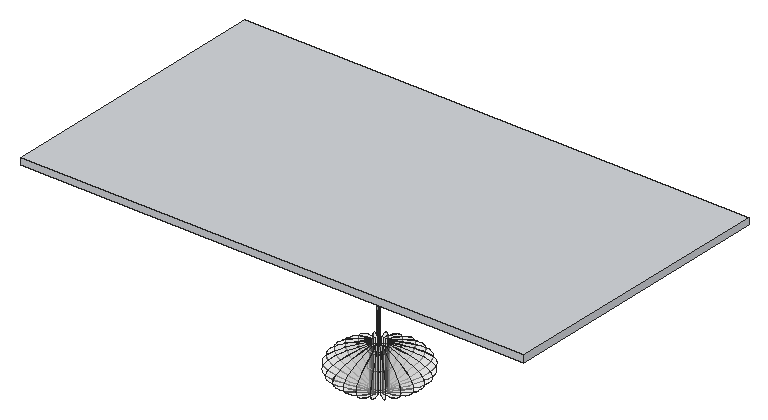
Revit family "Contour - Roundover Large", category Lighting Fixtures, host Face, Revit 2014
Parameters (values of type "38-3/4"Dia x 18"H")
  Wattage Comments = "14"
  Wattage = 38 W
  built-in parameter 1150110 = 1 (stored number, unit not read)
  URL = "http://lightart.com/"
  Type Comments = "Does not include lamp\r\nDoes not include lamp"
  built-in parameter 1114217 = 1 (stored number, unit not read)
  built-in parameter 1150109 = 1 (stored number, unit not read)
  built-in parameter 1150134 = (empty or 0)
  built-in parameter 1150113 = 1 (stored number, unit not read)
  Standards = "6-8 week lead time"
  Shade = 1/8" VARIA
  Model = "ROUNDOVER\r\nROUNDOVER\r\nROUNDOVER\r\nROUNDOVER"
  Material Options = "http://www.3-form.com/materials/varia_ecoresin/\r\nhttp://www.3-form.com/materials/varia_ecoresin/"
  Manufacturer Toll Free Phone = "206.524.2223\r\n206.524.2223"
  Manufacturer Email = "INFO@LIGHTART.COM"
  Manufacturer = "LightArt"
  Lumens = 3150.2 lm
  built-in parameter 1150115 = 1 (stored number, unit not read)
  built-in parameter 1150105 = 1002.7 (stored number, unit not read)
  Light Source Symbol Size = 8"
  built-in parameter 1150137 = (empty or 0)
  built-in parameter 1150139 = (empty or 0)
  Lid = "Removable powder coated"
  built-in parameter 1150112 = 1 (stored number, unit not read)
  built-in parameter 1150114 = 1 (stored number, unit not read)
  Keynote = ""
  Intensity = "LED System"
  Input = "120v"
  built-in parameter 1150132 = (empty or 0)
  built-in parameter 1150102 = (empty or 0)
  built-in parameter 1150138 = (empty or 0)
  built-in parameter 1150107 = 3000 (stored number, unit not read)
  built-in parameter 1150106 = 10.027 (stored number, unit not read)
  Height = 18"
  Hardware = none
  built-in parameter 1150104 = 7.7017 (stored number, unit not read)
  Driver = "-"
  Dimming Lamp Color Temperature Shift = <None>
  Dimming Compatibility = "No"
  Diffuser = White Opal Acrylic
  Dia = 38 3/4"
  Description = ""
  Default Elevation [instance] = 0"
  Color Filter = 16777215
  Canopy Type = "Powder Coat White"
  Cables = "1/16\" Stainless Steel Cable"
  built-in parameter 1114218 = 1 (stored number, unit not read)
  built-in parameter 1150133 = 10 (stored number, unit not read)
  Adjustable Suspension Height = 60"
Reference planes (in)
  plane 1 "Light Source Axis (F/B)": y = 0
  plane 2 "Ceiling": z = 0
  plane 3 "Light Source Axis (L/R)": x = 0
  plane 4 "Light Source Elevation": z = -62
  plane 5: z = -60
  plane 6: z = -60.125
  plane 7: z = -57.45641
  plane 8: z = -75.45641
  plane 9: z = -74.39679
  plane 10: z = -62.39679
Forms (in)
  Extrusion 1, solid
    sketch origin (0, 0, 0) x (1, 0, 0) y (0, 1, 0)
      loop
        line (-106, -60) -> (109.94313, -60) -> (109.94313, 60) -> (-106, 60) -> (-106, -60)
    from 0 to 2.7863
  Sweep 2, solid
    path origin (-27.52345, 9.17777, -96) x (1, 0, 0) y (0, 0, -1)
      loop
        spline (27.41255, -95.61697) -> (25.89775, -92.66302) -> (25.71975, -87.03939) -> (25.81305, -81.40489) -> (25.9119, -76.06189) -> (26.0227, -70.51066) -> (26.15213, -64.25082) -> (26.30095, -57.05795) -> (26.44341, -49.95022) -> (26.54627, -44.29537) -> (26.5849, -41.10535) -> (26.58263, -39.40158) -> (27.41255, -36.42212)
    profile origin (-1.37132, 9.17777, -31.74918) x (-0.999784, 0, -0.020783) y (0, 1, 0)
      loop
        circle (0, -9.17777) r 0.0625
  Revolve 3, solid, material "1/8" VARIA" <- "Shade", detail levels coarse
    sketch origin (0, -0.0625, -62) x (0, 0, 1) y (1, 0, 0)
      loop
        arc (-2.67398, 18.84153) -> (-4.42257, 19.41209) -> (-6.17139, 18.84224) r 2.96657
        arc (-6.17139, 18.84224) -> (-6.77662, 18.34209) -> (-7.31772, 17.77318) r 6.55644
        arc (-7.31772, 17.77318) -> (-8.41521, 16.29345) -> (-9.32057, 14.68895) r 14.81578
        arc (-9.32057, 14.68895) -> (-10.4861, 12.19512) -> (-11.47029, 9.62432) r 38.46623
        arc (-11.47029, 9.62432) -> (-12.00594, 8.07199) -> (-12.50528, 6.50761) r 70.47991
        arc (-12.50528, 6.50761) -> (-12.80844, 5.55702) -> (-13.08851, 4.59937) r 41.23486
        arc (-13.08851, 4.59937) -> (-13.23601, 4.07756) -> (-13.3867, 3.55667) r 88.54263
        line (-13.3867, 3.55667) -> (-13.3867, 0) -> (4.54359, 0) -> (4.54359, 3.56994)
        arc (4.54359, 3.56994) -> (4.08065, 5.19209) -> (3.57967, 6.80289) r 71.68602
        arc (3.57967, 6.80289) -> (2.84351, 9.02943) -> (2.03145, 11.22942) r 68.39599
        arc (2.03145, 11.22942) -> (1.2415, 13.11107) -> (0.35214, 14.94782) r 38.18262
        arc (0.35214, 14.94782) -> (-0.43007, 16.29681) -> (-1.33751, 17.56494) r 16.31199
        arc (-1.33751, 17.56494) -> (-1.96355, 18.24741) -> (-2.67398, 18.84153) r 7.01979
      axis (4.54359, 0) -> (-13.3867, 0)
    angle from 0 to 360
  Extrusion 4, solid, material "White Opal Acrylic" <- "Diffuser", detail levels medium+fine
    sketch origin (0, 0, -112.5689) x (-0.508155, 0.861265, 0) y (-0.861265, -0.508155, 0)
      loop
        circle (0, 0) r 4.125
    from 38.17211 to 38.29711
  Extrusion 5, solid, material "1/8" VARIA" <- "Shade", detail levels medium+fine
    sketch origin (-0.58355, 0, -62) x (0, 0, 1) y (1, 0, 0)
      loop
        arc (4.54113, 4.16249) -> (4.07932, 5.7801) -> (3.57967, 7.38644) r 71.68602
        arc (3.57967, 7.38644) -> (2.84351, 9.61297) -> (2.03145, 11.81297) r 68.39599
        arc (2.03145, 11.81297) -> (1.2415, 13.69461) -> (0.35214, 15.53137) r 38.18262
        arc (0.35214, 15.53137) -> (-0.43007, 16.88035) -> (-1.33751, 18.14848) r 16.31199
        arc (-1.33751, 18.14848) -> (-1.96355, 18.83096) -> (-2.67398, 19.42508) r 7.01979
        arc (-2.67398, 19.42508) -> (-4.42257, 19.99564) -> (-6.17139, 19.42578) r 2.96657
        arc (-6.17139, 19.42578) -> (-6.77662, 18.92563) -> (-7.31772, 18.35672) r 6.55644
        arc (-7.31772, 18.35672) -> (-8.41521, 16.87699) -> (-9.32057, 15.2725) r 14.81578
        arc (-9.32057, 15.2725) -> (-10.4861, 12.77867) -> (-11.47029, 10.20786) r 38.46623
        arc (-11.47029, 10.20786) -> (-12.00594, 8.65554) -> (-12.50528, 7.09116) r 70.47991
        arc (-12.50528, 7.09116) -> (-12.80844, 6.14056) -> (-13.08851, 5.18292) r 41.23486
        arc (-13.08851, 5.18292) -> (-13.23601, 4.66111) -> (-13.3867, 4.14021) r 88.54263
        arc (-13.3867, 4.14021) -> (-13.38633, 4.04988) -> (-13.35319, 3.96585) r 0.24447
        line (-13.35319, 3.96585) -> (4.54113, 3.96585)
        arc (4.54113, 3.96585) -> (4.55282, 4.06417) -> (4.54113, 4.16249) r 0.41938
    from 0.0625 to -0.0625
  Extrusion 6, solid, material "White Opal Acrylic" <- "Diffuser", detail levels medium+fine
    sketch origin (0, 0, -96) x (0.859461, 0.511202, 0) y (-0.511202, 0.859461, 0)
      loop
        circle (0, 0) r 2.75
      loop
        circle (0, 0) r 2.44
    from 21.72821 to 36
  Extrusion 7, solid, material "White Opal Acrylic" <- "Diffuser", detail levels medium+fine
    sketch origin (0, 0, -96) x (0.962324, 0.271906, 0) y (-0.271906, 0.962324, 0)
      loop
        circle (0, 0) r 2.75
      loop
        circle (0, 0) r 2.44
    from 21.72821 to 36
  Extrusion 8, solid, material "White Opal Acrylic" <- "Diffuser", detail levels medium+fine
    sketch origin (0, 0, -101.66488) x (0.962324, 0.271906, 0) y (-0.271906, 0.962324, 0)
      loop
        circle (0, 0) r 4.125
      loop
        circle (0, 0) r 2.75
    from 35.19409 to 35.30309
  Extrusion 9, solid, material "White Opal Acrylic" <- "Diffuser", detail levels medium+fine
    sketch origin (0, 0, -92.18) x (0.962324, 0.271906, 0) y (-0.271906, 0.962324, 0)
      loop
        circle (0, 0) r 4.125
      loop
        circle (0, 0) r 2.75
    from 32.18 to 32.31311
  Extrusion 10, solid, material "1/8" VARIA" <- "Shade", detail levels medium+fine
    sketch origin (-0.56366, 0.15103, -62) x (0, 0, 1) y (0.965926, -0.258819, 0)
      loop
        arc (4.54113, 4.16249) -> (4.07932, 5.7801) -> (3.57967, 7.38644) r 71.68602
        arc (3.57967, 7.38644) -> (2.84351, 9.61297) -> (2.03145, 11.81297) r 68.39599
        arc (2.03145, 11.81297) -> (1.2415, 13.69461) -> (0.35214, 15.53137) r 38.18262
        arc (0.35214, 15.53137) -> (-0.43007, 16.88035) -> (-1.33751, 18.14848) r 16.31199
        arc (-1.33751, 18.14848) -> (-1.96355, 18.83096) -> (-2.67398, 19.42508) r 7.01979
        arc (-2.67398, 19.42508) -> (-4.42257, 19.99564) -> (-6.17139, 19.42578) r 2.96657
        arc (-6.17139, 19.42578) -> (-6.77662, 18.92563) -> (-7.31772, 18.35672) r 6.55644
        arc (-7.31772, 18.35672) -> (-8.41521, 16.87699) -> (-9.32057, 15.2725) r 14.81578
        arc (-9.32057, 15.2725) -> (-10.4861, 12.77867) -> (-11.47029, 10.20786) r 38.46623
        arc (-11.47029, 10.20786) -> (-12.00594, 8.65554) -> (-12.50528, 7.09116) r 70.47991
        arc (-12.50528, 7.09116) -> (-12.80844, 6.14056) -> (-13.08851, 5.18292) r 41.23486
        arc (-13.08851, 5.18292) -> (-13.23601, 4.66111) -> (-13.3867, 4.14021) r 88.54263
        arc (-13.3867, 4.14021) -> (-13.38633, 4.04988) -> (-13.35319, 3.96585) r 0.24447
        line (-13.35319, 3.96585) -> (4.54113, 3.96585)
        arc (4.54113, 3.96585) -> (4.55282, 4.06417) -> (4.54113, 4.16249) r 0.41938
    from 0.0625 to -0.0625
  Extrusion 11, solid, material "1/8" VARIA" <- "Shade", detail levels medium+fine
    sketch origin (-0.50537, 0.29177, -62) x (0, 0, 1) y (0.866025, -0.5, 0)
      loop
        arc (4.54113, 4.16249) -> (4.07932, 5.7801) -> (3.57967, 7.38644) r 71.68602
        arc (3.57967, 7.38644) -> (2.84351, 9.61297) -> (2.03145, 11.81297) r 68.39599
        arc (2.03145, 11.81297) -> (1.2415, 13.69461) -> (0.35214, 15.53137) r 38.18262
        arc (0.35214, 15.53137) -> (-0.43007, 16.88035) -> (-1.33751, 18.14848) r 16.31199
        arc (-1.33751, 18.14848) -> (-1.96355, 18.83096) -> (-2.67398, 19.42508) r 7.01979
        arc (-2.67398, 19.42508) -> (-4.42257, 19.99564) -> (-6.17139, 19.42578) r 2.96657
        arc (-6.17139, 19.42578) -> (-6.77662, 18.92563) -> (-7.31772, 18.35672) r 6.55644
        arc (-7.31772, 18.35672) -> (-8.41521, 16.87699) -> (-9.32057, 15.2725) r 14.81578
        arc (-9.32057, 15.2725) -> (-10.4861, 12.77867) -> (-11.47029, 10.20786) r 38.46623
        arc (-11.47029, 10.20786) -> (-12.00594, 8.65554) -> (-12.50528, 7.09116) r 70.47991
        arc (-12.50528, 7.09116) -> (-12.80844, 6.14056) -> (-13.08851, 5.18292) r 41.23486
        arc (-13.08851, 5.18292) -> (-13.23601, 4.66111) -> (-13.3867, 4.14021) r 88.54263
        arc (-13.3867, 4.14021) -> (-13.38633, 4.04988) -> (-13.35319, 3.96585) r 0.24447
        line (-13.35319, 3.96585) -> (4.54113, 3.96585)
        arc (4.54113, 3.96585) -> (4.55282, 4.06417) -> (4.54113, 4.16249) r 0.41938
    from 0.0625 to -0.0625
  Extrusion 12, solid, material "1/8" VARIA" <- "Shade", detail levels medium+fine
    sketch origin (-0.41263, 0.41263, -62) x (0, 0, 1) y (0.707107, -0.707107, 0)
      loop
        arc (4.54113, 4.16249) -> (4.07932, 5.7801) -> (3.57967, 7.38644) r 71.68602
        arc (3.57967, 7.38644) -> (2.84351, 9.61297) -> (2.03145, 11.81297) r 68.39599
        arc (2.03145, 11.81297) -> (1.2415, 13.69461) -> (0.35214, 15.53137) r 38.18262
        arc (0.35214, 15.53137) -> (-0.43007, 16.88035) -> (-1.33751, 18.14848) r 16.31199
        arc (-1.33751, 18.14848) -> (-1.96355, 18.83096) -> (-2.67398, 19.42508) r 7.01979
        arc (-2.67398, 19.42508) -> (-4.42257, 19.99564) -> (-6.17139, 19.42578) r 2.96657
        arc (-6.17139, 19.42578) -> (-6.77662, 18.92563) -> (-7.31772, 18.35672) r 6.55644
        arc (-7.31772, 18.35672) -> (-8.41521, 16.87699) -> (-9.32057, 15.2725) r 14.81578
        arc (-9.32057, 15.2725) -> (-10.4861, 12.77867) -> (-11.47029, 10.20786) r 38.46623
        arc (-11.47029, 10.20786) -> (-12.00594, 8.65554) -> (-12.50528, 7.09116) r 70.47991
        arc (-12.50528, 7.09116) -> (-12.80844, 6.14056) -> (-13.08851, 5.18292) r 41.23486
        arc (-13.08851, 5.18292) -> (-13.23601, 4.66111) -> (-13.3867, 4.14021) r 88.54263
        arc (-13.3867, 4.14021) -> (-13.38633, 4.04988) -> (-13.35319, 3.96585) r 0.24447
        line (-13.35319, 3.96585) -> (4.54113, 3.96585)
        arc (4.54113, 3.96585) -> (4.55282, 4.06417) -> (4.54113, 4.16249) r 0.41938
    from 0.0625 to -0.0625
  Extrusion 13, solid, material "1/8" VARIA" <- "Shade", detail levels medium+fine
    sketch origin (-0.29177, 0.50537, -62) x (0, 0, 1) y (0.5, -0.866025, 0)
      loop
        arc (4.54113, 4.16249) -> (4.07932, 5.7801) -> (3.57967, 7.38644) r 71.68602
        arc (3.57967, 7.38644) -> (2.84351, 9.61297) -> (2.03145, 11.81297) r 68.39599
        arc (2.03145, 11.81297) -> (1.2415, 13.69461) -> (0.35214, 15.53137) r 38.18262
        arc (0.35214, 15.53137) -> (-0.43007, 16.88035) -> (-1.33751, 18.14848) r 16.31199
        arc (-1.33751, 18.14848) -> (-1.96355, 18.83096) -> (-2.67398, 19.42508) r 7.01979
        arc (-2.67398, 19.42508) -> (-4.42257, 19.99564) -> (-6.17139, 19.42578) r 2.96657
        arc (-6.17139, 19.42578) -> (-6.77662, 18.92563) -> (-7.31772, 18.35672) r 6.55644
        arc (-7.31772, 18.35672) -> (-8.41521, 16.87699) -> (-9.32057, 15.2725) r 14.81578
        arc (-9.32057, 15.2725) -> (-10.4861, 12.77867) -> (-11.47029, 10.20786) r 38.46623
        arc (-11.47029, 10.20786) -> (-12.00594, 8.65554) -> (-12.50528, 7.09116) r 70.47991
        arc (-12.50528, 7.09116) -> (-12.80844, 6.14056) -> (-13.08851, 5.18292) r 41.23486
        arc (-13.08851, 5.18292) -> (-13.23601, 4.66111) -> (-13.3867, 4.14021) r 88.54263
        arc (-13.3867, 4.14021) -> (-13.38633, 4.04988) -> (-13.35319, 3.96585) r 0.24447
        line (-13.35319, 3.96585) -> (4.54113, 3.96585)
        arc (4.54113, 3.96585) -> (4.55282, 4.06417) -> (4.54113, 4.16249) r 0.41938
    from 0.0625 to -0.0625
  Extrusion 14, solid, material "1/8" VARIA" <- "Shade", detail levels medium+fine
    sketch origin (-0.15103, 0.56366, -62) x (0, 0, 1) y (0.258819, -0.965926, 0)
      loop
        arc (4.54113, 4.16249) -> (4.07932, 5.7801) -> (3.57967, 7.38644) r 71.68602
        arc (3.57967, 7.38644) -> (2.84351, 9.61297) -> (2.03145, 11.81297) r 68.39599
        arc (2.03145, 11.81297) -> (1.2415, 13.69461) -> (0.35214, 15.53137) r 38.18262
        arc (0.35214, 15.53137) -> (-0.43007, 16.88035) -> (-1.33751, 18.14848) r 16.31199
        arc (-1.33751, 18.14848) -> (-1.96355, 18.83096) -> (-2.67398, 19.42508) r 7.01979
        arc (-2.67398, 19.42508) -> (-4.42257, 19.99564) -> (-6.17139, 19.42578) r 2.96657
        arc (-6.17139, 19.42578) -> (-6.77662, 18.92563) -> (-7.31772, 18.35672) r 6.55644
        arc (-7.31772, 18.35672) -> (-8.41521, 16.87699) -> (-9.32057, 15.2725) r 14.81578
        arc (-9.32057, 15.2725) -> (-10.4861, 12.77867) -> (-11.47029, 10.20786) r 38.46623
        arc (-11.47029, 10.20786) -> (-12.00594, 8.65554) -> (-12.50528, 7.09116) r 70.47991
        arc (-12.50528, 7.09116) -> (-12.80844, 6.14056) -> (-13.08851, 5.18292) r 41.23486
        arc (-13.08851, 5.18292) -> (-13.23601, 4.66111) -> (-13.3867, 4.14021) r 88.54263
        arc (-13.3867, 4.14021) -> (-13.38633, 4.04988) -> (-13.35319, 3.96585) r 0.24447
        line (-13.35319, 3.96585) -> (4.54113, 3.96585)
        arc (4.54113, 3.96585) -> (4.55282, 4.06417) -> (4.54113, 4.16249) r 0.41938
    from 0.0625 to -0.0625
  Extrusion 15, solid, material "1/8" VARIA" <- "Shade", detail levels medium+fine
    sketch origin (0, 0.58355, -62) x (0, 0, 1) y (0, -1, 0)
      loop
        arc (4.54113, 4.16249) -> (4.07932, 5.7801) -> (3.57967, 7.38644) r 71.68602
        arc (3.57967, 7.38644) -> (2.84351, 9.61297) -> (2.03145, 11.81297) r 68.39599
        arc (2.03145, 11.81297) -> (1.2415, 13.69461) -> (0.35214, 15.53137) r 38.18262
        arc (0.35214, 15.53137) -> (-0.43007, 16.88035) -> (-1.33751, 18.14848) r 16.31199
        arc (-1.33751, 18.14848) -> (-1.96355, 18.83096) -> (-2.67398, 19.42508) r 7.01979
        arc (-2.67398, 19.42508) -> (-4.42257, 19.99564) -> (-6.17139, 19.42578) r 2.96657
        arc (-6.17139, 19.42578) -> (-6.77662, 18.92563) -> (-7.31772, 18.35672) r 6.55644
        arc (-7.31772, 18.35672) -> (-8.41521, 16.87699) -> (-9.32057, 15.2725) r 14.81578
        arc (-9.32057, 15.2725) -> (-10.4861, 12.77867) -> (-11.47029, 10.20786) r 38.46623
        arc (-11.47029, 10.20786) -> (-12.00594, 8.65554) -> (-12.50528, 7.09116) r 70.47991
        arc (-12.50528, 7.09116) -> (-12.80844, 6.14056) -> (-13.08851, 5.18292) r 41.23486
        arc (-13.08851, 5.18292) -> (-13.23601, 4.66111) -> (-13.3867, 4.14021) r 88.54263
        arc (-13.3867, 4.14021) -> (-13.38633, 4.04988) -> (-13.35319, 3.96585) r 0.24447
        line (-13.35319, 3.96585) -> (4.54113, 3.96585)
        arc (4.54113, 3.96585) -> (4.55282, 4.06417) -> (4.54113, 4.16249) r 0.41938
    from 0.0625 to -0.0625
  Extrusion 16, solid, material "1/8" VARIA" <- "Shade", detail levels medium+fine
    sketch origin (0.15103, 0.56366, -62) x (0, 0, 1) y (-0.258819, -0.965926, 0)
      loop
        arc (4.54113, 4.16249) -> (4.07932, 5.7801) -> (3.57967, 7.38644) r 71.68602
        arc (3.57967, 7.38644) -> (2.84351, 9.61297) -> (2.03145, 11.81297) r 68.39599
        arc (2.03145, 11.81297) -> (1.2415, 13.69461) -> (0.35214, 15.53137) r 38.18262
        arc (0.35214, 15.53137) -> (-0.43007, 16.88035) -> (-1.33751, 18.14848) r 16.31199
        arc (-1.33751, 18.14848) -> (-1.96355, 18.83096) -> (-2.67398, 19.42508) r 7.01979
        arc (-2.67398, 19.42508) -> (-4.42257, 19.99564) -> (-6.17139, 19.42578) r 2.96657
        arc (-6.17139, 19.42578) -> (-6.77662, 18.92563) -> (-7.31772, 18.35672) r 6.55644
        arc (-7.31772, 18.35672) -> (-8.41521, 16.87699) -> (-9.32057, 15.2725) r 14.81578
        arc (-9.32057, 15.2725) -> (-10.4861, 12.77867) -> (-11.47029, 10.20786) r 38.46623
        arc (-11.47029, 10.20786) -> (-12.00594, 8.65554) -> (-12.50528, 7.09116) r 70.47991
        arc (-12.50528, 7.09116) -> (-12.80844, 6.14056) -> (-13.08851, 5.18292) r 41.23486
        arc (-13.08851, 5.18292) -> (-13.23601, 4.66111) -> (-13.3867, 4.14021) r 88.54263
        arc (-13.3867, 4.14021) -> (-13.38633, 4.04988) -> (-13.35319, 3.96585) r 0.24447
        line (-13.35319, 3.96585) -> (4.54113, 3.96585)
        arc (4.54113, 3.96585) -> (4.55282, 4.06417) -> (4.54113, 4.16249) r 0.41938
    from 0.0625 to -0.0625
  Extrusion 17, solid, material "1/8" VARIA" <- "Shade", detail levels medium+fine
    sketch origin (0.29177, 0.50537, -62) x (0, 0, 1) y (-0.5, -0.866025, 0)
      loop
        arc (4.54113, 4.16249) -> (4.07932, 5.7801) -> (3.57967, 7.38644) r 71.68602
        arc (3.57967, 7.38644) -> (2.84351, 9.61297) -> (2.03145, 11.81297) r 68.39599
        arc (2.03145, 11.81297) -> (1.2415, 13.69461) -> (0.35214, 15.53137) r 38.18262
        arc (0.35214, 15.53137) -> (-0.43007, 16.88035) -> (-1.33751, 18.14848) r 16.31199
        arc (-1.33751, 18.14848) -> (-1.96355, 18.83096) -> (-2.67398, 19.42508) r 7.01979
        arc (-2.67398, 19.42508) -> (-4.42257, 19.99564) -> (-6.17139, 19.42578) r 2.96657
        arc (-6.17139, 19.42578) -> (-6.77662, 18.92563) -> (-7.31772, 18.35672) r 6.55644
        arc (-7.31772, 18.35672) -> (-8.41521, 16.87699) -> (-9.32057, 15.2725) r 14.81578
        arc (-9.32057, 15.2725) -> (-10.4861, 12.77867) -> (-11.47029, 10.20786) r 38.46623
        arc (-11.47029, 10.20786) -> (-12.00594, 8.65554) -> (-12.50528, 7.09116) r 70.47991
        arc (-12.50528, 7.09116) -> (-12.80844, 6.14056) -> (-13.08851, 5.18292) r 41.23486
        arc (-13.08851, 5.18292) -> (-13.23601, 4.66111) -> (-13.3867, 4.14021) r 88.54263
        arc (-13.3867, 4.14021) -> (-13.38633, 4.04988) -> (-13.35319, 3.96585) r 0.24447
        line (-13.35319, 3.96585) -> (4.54113, 3.96585)
        arc (4.54113, 3.96585) -> (4.55282, 4.06417) -> (4.54113, 4.16249) r 0.41938
    from 0.0625 to -0.0625
  Extrusion 18, solid, material "1/8" VARIA" <- "Shade", detail levels medium+fine
    sketch origin (0.41263, 0.41263, -62) x (0, 0, 1) y (-0.707107, -0.707107, 0)
      loop
        arc (4.54113, 4.16249) -> (4.07932, 5.7801) -> (3.57967, 7.38644) r 71.68602
        arc (3.57967, 7.38644) -> (2.84351, 9.61297) -> (2.03145, 11.81297) r 68.39599
        arc (2.03145, 11.81297) -> (1.2415, 13.69461) -> (0.35214, 15.53137) r 38.18262
        arc (0.35214, 15.53137) -> (-0.43007, 16.88035) -> (-1.33751, 18.14848) r 16.31199
        arc (-1.33751, 18.14848) -> (-1.96355, 18.83096) -> (-2.67398, 19.42508) r 7.01979
        arc (-2.67398, 19.42508) -> (-4.42257, 19.99564) -> (-6.17139, 19.42578) r 2.96657
        arc (-6.17139, 19.42578) -> (-6.77662, 18.92563) -> (-7.31772, 18.35672) r 6.55644
        arc (-7.31772, 18.35672) -> (-8.41521, 16.87699) -> (-9.32057, 15.2725) r 14.81578
        arc (-9.32057, 15.2725) -> (-10.4861, 12.77867) -> (-11.47029, 10.20786) r 38.46623
        arc (-11.47029, 10.20786) -> (-12.00594, 8.65554) -> (-12.50528, 7.09116) r 70.47991
        arc (-12.50528, 7.09116) -> (-12.80844, 6.14056) -> (-13.08851, 5.18292) r 41.23486
        arc (-13.08851, 5.18292) -> (-13.23601, 4.66111) -> (-13.3867, 4.14021) r 88.54263
        arc (-13.3867, 4.14021) -> (-13.38633, 4.04988) -> (-13.35319, 3.96585) r 0.24447
        line (-13.35319, 3.96585) -> (4.54113, 3.96585)
        arc (4.54113, 3.96585) -> (4.55282, 4.06417) -> (4.54113, 4.16249) r 0.41938
    from 0.0625 to -0.0625
  Extrusion 19, solid, material "1/8" VARIA" <- "Shade", detail levels medium+fine
    sketch origin (0.50537, 0.29177, -62) x (0, 0, 1) y (-0.866025, -0.5, 0)
      loop
        arc (4.54113, 4.16249) -> (4.07932, 5.7801) -> (3.57967, 7.38644) r 71.68602
        arc (3.57967, 7.38644) -> (2.84351, 9.61297) -> (2.03145, 11.81297) r 68.39599
        arc (2.03145, 11.81297) -> (1.2415, 13.69461) -> (0.35214, 15.53137) r 38.18262
        arc (0.35214, 15.53137) -> (-0.43007, 16.88035) -> (-1.33751, 18.14848) r 16.31199
        arc (-1.33751, 18.14848) -> (-1.96355, 18.83096) -> (-2.67398, 19.42508) r 7.01979
        arc (-2.67398, 19.42508) -> (-4.42257, 19.99564) -> (-6.17139, 19.42578) r 2.96657
        arc (-6.17139, 19.42578) -> (-6.77662, 18.92563) -> (-7.31772, 18.35672) r 6.55644
        arc (-7.31772, 18.35672) -> (-8.41521, 16.87699) -> (-9.32057, 15.2725) r 14.81578
        arc (-9.32057, 15.2725) -> (-10.4861, 12.77867) -> (-11.47029, 10.20786) r 38.46623
        arc (-11.47029, 10.20786) -> (-12.00594, 8.65554) -> (-12.50528, 7.09116) r 70.47991
        arc (-12.50528, 7.09116) -> (-12.80844, 6.14056) -> (-13.08851, 5.18292) r 41.23486
        arc (-13.08851, 5.18292) -> (-13.23601, 4.66111) -> (-13.3867, 4.14021) r 88.54263
        arc (-13.3867, 4.14021) -> (-13.38633, 4.04988) -> (-13.35319, 3.96585) r 0.24447
        line (-13.35319, 3.96585) -> (4.54113, 3.96585)
        arc (4.54113, 3.96585) -> (4.55282, 4.06417) -> (4.54113, 4.16249) r 0.41938
    from 0.0625 to -0.0625
  Extrusion 20, solid, material "1/8" VARIA" <- "Shade", detail levels medium+fine
    sketch origin (0.56366, 0.15103, -62) x (0, 0, 1) y (-0.965926, -0.258819, 0)
      loop
        arc (4.54113, 4.16249) -> (4.07932, 5.7801) -> (3.57967, 7.38644) r 71.68602
        arc (3.57967, 7.38644) -> (2.84351, 9.61297) -> (2.03145, 11.81297) r 68.39599
        arc (2.03145, 11.81297) -> (1.2415, 13.69461) -> (0.35214, 15.53137) r 38.18262
        arc (0.35214, 15.53137) -> (-0.43007, 16.88035) -> (-1.33751, 18.14848) r 16.31199
        arc (-1.33751, 18.14848) -> (-1.96355, 18.83096) -> (-2.67398, 19.42508) r 7.01979
        arc (-2.67398, 19.42508) -> (-4.42257, 19.99564) -> (-6.17139, 19.42578) r 2.96657
        arc (-6.17139, 19.42578) -> (-6.77662, 18.92563) -> (-7.31772, 18.35672) r 6.55644
        arc (-7.31772, 18.35672) -> (-8.41521, 16.87699) -> (-9.32057, 15.2725) r 14.81578
        arc (-9.32057, 15.2725) -> (-10.4861, 12.77867) -> (-11.47029, 10.20786) r 38.46623
        arc (-11.47029, 10.20786) -> (-12.00594, 8.65554) -> (-12.50528, 7.09116) r 70.47991
        arc (-12.50528, 7.09116) -> (-12.80844, 6.14056) -> (-13.08851, 5.18292) r 41.23486
        arc (-13.08851, 5.18292) -> (-13.23601, 4.66111) -> (-13.3867, 4.14021) r 88.54263
        arc (-13.3867, 4.14021) -> (-13.38633, 4.04988) -> (-13.35319, 3.96585) r 0.24447
        line (-13.35319, 3.96585) -> (4.54113, 3.96585)
        arc (4.54113, 3.96585) -> (4.55282, 4.06417) -> (4.54113, 4.16249) r 0.41938
    from 0.0625 to -0.0625
  Extrusion 21, solid, material "1/8" VARIA" <- "Shade", detail levels medium+fine
    sketch origin (0.58355, 0, -62) x (0, 0, 1) y (-1, 0, 0)
      loop
        arc (4.54113, 4.16249) -> (4.07932, 5.7801) -> (3.57967, 7.38644) r 71.68602
        arc (3.57967, 7.38644) -> (2.84351, 9.61297) -> (2.03145, 11.81297) r 68.39599
        arc (2.03145, 11.81297) -> (1.2415, 13.69461) -> (0.35214, 15.53137) r 38.18262
        arc (0.35214, 15.53137) -> (-0.43007, 16.88035) -> (-1.33751, 18.14848) r 16.31199
        arc (-1.33751, 18.14848) -> (-1.96355, 18.83096) -> (-2.67398, 19.42508) r 7.01979
        arc (-2.67398, 19.42508) -> (-4.42257, 19.99564) -> (-6.17139, 19.42578) r 2.96657
        arc (-6.17139, 19.42578) -> (-6.77662, 18.92563) -> (-7.31772, 18.35672) r 6.55644
        arc (-7.31772, 18.35672) -> (-8.41521, 16.87699) -> (-9.32057, 15.2725) r 14.81578
        arc (-9.32057, 15.2725) -> (-10.4861, 12.77867) -> (-11.47029, 10.20786) r 38.46623
        arc (-11.47029, 10.20786) -> (-12.00594, 8.65554) -> (-12.50528, 7.09116) r 70.47991
        arc (-12.50528, 7.09116) -> (-12.80844, 6.14056) -> (-13.08851, 5.18292) r 41.23486
        arc (-13.08851, 5.18292) -> (-13.23601, 4.66111) -> (-13.3867, 4.14021) r 88.54263
        arc (-13.3867, 4.14021) -> (-13.38633, 4.04988) -> (-13.35319, 3.96585) r 0.24447
        line (-13.35319, 3.96585) -> (4.54113, 3.96585)
        arc (4.54113, 3.96585) -> (4.55282, 4.06417) -> (4.54113, 4.16249) r 0.41938
    from 0.0625 to -0.0625
  Extrusion 22, solid, material "1/8" VARIA" <- "Shade", detail levels medium+fine
    sketch origin (0.56366, -0.15103, -62) x (0, 0, 1) y (-0.965926, 0.258819, 0)
      loop
        arc (4.54113, 4.16249) -> (4.07932, 5.7801) -> (3.57967, 7.38644) r 71.68602
        arc (3.57967, 7.38644) -> (2.84351, 9.61297) -> (2.03145, 11.81297) r 68.39599
        arc (2.03145, 11.81297) -> (1.2415, 13.69461) -> (0.35214, 15.53137) r 38.18262
        arc (0.35214, 15.53137) -> (-0.43007, 16.88035) -> (-1.33751, 18.14848) r 16.31199
        arc (-1.33751, 18.14848) -> (-1.96355, 18.83096) -> (-2.67398, 19.42508) r 7.01979
        arc (-2.67398, 19.42508) -> (-4.42257, 19.99564) -> (-6.17139, 19.42578) r 2.96657
        arc (-6.17139, 19.42578) -> (-6.77662, 18.92563) -> (-7.31772, 18.35672) r 6.55644
        arc (-7.31772, 18.35672) -> (-8.41521, 16.87699) -> (-9.32057, 15.2725) r 14.81578
        arc (-9.32057, 15.2725) -> (-10.4861, 12.77867) -> (-11.47029, 10.20786) r 38.46623
        arc (-11.47029, 10.20786) -> (-12.00594, 8.65554) -> (-12.50528, 7.09116) r 70.47991
        arc (-12.50528, 7.09116) -> (-12.80844, 6.14056) -> (-13.08851, 5.18292) r 41.23486
        arc (-13.08851, 5.18292) -> (-13.23601, 4.66111) -> (-13.3867, 4.14021) r 88.54263
        arc (-13.3867, 4.14021) -> (-13.38633, 4.04988) -> (-13.35319, 3.96585) r 0.24447
        line (-13.35319, 3.96585) -> (4.54113, 3.96585)
        arc (4.54113, 3.96585) -> (4.55282, 4.06417) -> (4.54113, 4.16249) r 0.41938
    from 0.0625 to -0.0625
  Extrusion 23, solid, material "1/8" VARIA" <- "Shade", detail levels medium+fine
    sketch origin (0.50537, -0.29177, -62) x (0, 0, 1) y (-0.866025, 0.5, 0)
      loop
        arc (4.54113, 4.16249) -> (4.07932, 5.7801) -> (3.57967, 7.38644) r 71.68602
        arc (3.57967, 7.38644) -> (2.84351, 9.61297) -> (2.03145, 11.81297) r 68.39599
        arc (2.03145, 11.81297) -> (1.2415, 13.69461) -> (0.35214, 15.53137) r 38.18262
        arc (0.35214, 15.53137) -> (-0.43007, 16.88035) -> (-1.33751, 18.14848) r 16.31199
        arc (-1.33751, 18.14848) -> (-1.96355, 18.83096) -> (-2.67398, 19.42508) r 7.01979
        arc (-2.67398, 19.42508) -> (-4.42257, 19.99564) -> (-6.17139, 19.42578) r 2.96657
        arc (-6.17139, 19.42578) -> (-6.77662, 18.92563) -> (-7.31772, 18.35672) r 6.55644
        arc (-7.31772, 18.35672) -> (-8.41521, 16.87699) -> (-9.32057, 15.2725) r 14.81578
        arc (-9.32057, 15.2725) -> (-10.4861, 12.77867) -> (-11.47029, 10.20786) r 38.46623
        arc (-11.47029, 10.20786) -> (-12.00594, 8.65554) -> (-12.50528, 7.09116) r 70.47991
        arc (-12.50528, 7.09116) -> (-12.80844, 6.14056) -> (-13.08851, 5.18292) r 41.23486
        arc (-13.08851, 5.18292) -> (-13.23601, 4.66111) -> (-13.3867, 4.14021) r 88.54263
        arc (-13.3867, 4.14021) -> (-13.38633, 4.04988) -> (-13.35319, 3.96585) r 0.24447
        line (-13.35319, 3.96585) -> (4.54113, 3.96585)
        arc (4.54113, 3.96585) -> (4.55282, 4.06417) -> (4.54113, 4.16249) r 0.41938
    from 0.0625 to -0.0625
  Extrusion 24, solid, material "1/8" VARIA" <- "Shade", detail levels medium+fine
    sketch origin (0.41263, -0.41263, -62) x (0, 0, 1) y (-0.707107, 0.707107, 0)
      loop
        arc (4.54113, 4.16249) -> (4.07932, 5.7801) -> (3.57967, 7.38644) r 71.68602
        arc (3.57967, 7.38644) -> (2.84351, 9.61297) -> (2.03145, 11.81297) r 68.39599
        arc (2.03145, 11.81297) -> (1.2415, 13.69461) -> (0.35214, 15.53137) r 38.18262
        arc (0.35214, 15.53137) -> (-0.43007, 16.88035) -> (-1.33751, 18.14848) r 16.31199
        arc (-1.33751, 18.14848) -> (-1.96355, 18.83096) -> (-2.67398, 19.42508) r 7.01979
        arc (-2.67398, 19.42508) -> (-4.42257, 19.99564) -> (-6.17139, 19.42578) r 2.96657
        arc (-6.17139, 19.42578) -> (-6.77662, 18.92563) -> (-7.31772, 18.35672) r 6.55644
        arc (-7.31772, 18.35672) -> (-8.41521, 16.87699) -> (-9.32057, 15.2725) r 14.81578
        arc (-9.32057, 15.2725) -> (-10.4861, 12.77867) -> (-11.47029, 10.20786) r 38.46623
        arc (-11.47029, 10.20786) -> (-12.00594, 8.65554) -> (-12.50528, 7.09116) r 70.47991
        arc (-12.50528, 7.09116) -> (-12.80844, 6.14056) -> (-13.08851, 5.18292) r 41.23486
        arc (-13.08851, 5.18292) -> (-13.23601, 4.66111) -> (-13.3867, 4.14021) r 88.54263
        arc (-13.3867, 4.14021) -> (-13.38633, 4.04988) -> (-13.35319, 3.96585) r 0.24447
        line (-13.35319, 3.96585) -> (4.54113, 3.96585)
        arc (4.54113, 3.96585) -> (4.55282, 4.06417) -> (4.54113, 4.16249) r 0.41938
    from 0.0625 to -0.0625
  Extrusion 25, solid, material "1/8" VARIA" <- "Shade", detail levels medium+fine
    sketch origin (0.29177, -0.50537, -62) x (0, 0, 1) y (-0.5, 0.866025, 0)
      loop
        arc (4.54113, 4.16249) -> (4.07932, 5.7801) -> (3.57967, 7.38644) r 71.68602
        arc (3.57967, 7.38644) -> (2.84351, 9.61297) -> (2.03145, 11.81297) r 68.39599
        arc (2.03145, 11.81297) -> (1.2415, 13.69461) -> (0.35214, 15.53137) r 38.18262
        arc (0.35214, 15.53137) -> (-0.43007, 16.88035) -> (-1.33751, 18.14848) r 16.31199
        arc (-1.33751, 18.14848) -> (-1.96355, 18.83096) -> (-2.67398, 19.42508) r 7.01979
        arc (-2.67398, 19.42508) -> (-4.42257, 19.99564) -> (-6.17139, 19.42578) r 2.96657
        arc (-6.17139, 19.42578) -> (-6.77662, 18.92563) -> (-7.31772, 18.35672) r 6.55644
        arc (-7.31772, 18.35672) -> (-8.41521, 16.87699) -> (-9.32057, 15.2725) r 14.81578
        arc (-9.32057, 15.2725) -> (-10.4861, 12.77867) -> (-11.47029, 10.20786) r 38.46623
        arc (-11.47029, 10.20786) -> (-12.00594, 8.65554) -> (-12.50528, 7.09116) r 70.47991
        arc (-12.50528, 7.09116) -> (-12.80844, 6.14056) -> (-13.08851, 5.18292) r 41.23486
        arc (-13.08851, 5.18292) -> (-13.23601, 4.66111) -> (-13.3867, 4.14021) r 88.54263
        arc (-13.3867, 4.14021) -> (-13.38633, 4.04988) -> (-13.35319, 3.96585) r 0.24447
        line (-13.35319, 3.96585) -> (4.54113, 3.96585)
        arc (4.54113, 3.96585) -> (4.55282, 4.06417) -> (4.54113, 4.16249) r 0.41938
    from 0.0625 to -0.0625
  Extrusion 26, solid, material "1/8" VARIA" <- "Shade", detail levels medium+fine
    sketch origin (0.15103, -0.56366, -62) x (0, 0, 1) y (-0.258819, 0.965926, 0)
      loop
        arc (4.54113, 4.16249) -> (4.07932, 5.7801) -> (3.57967, 7.38644) r 71.68602
        arc (3.57967, 7.38644) -> (2.84351, 9.61297) -> (2.03145, 11.81297) r 68.39599
        arc (2.03145, 11.81297) -> (1.2415, 13.69461) -> (0.35214, 15.53137) r 38.18262
        arc (0.35214, 15.53137) -> (-0.43007, 16.88035) -> (-1.33751, 18.14848) r 16.31199
        arc (-1.33751, 18.14848) -> (-1.96355, 18.83096) -> (-2.67398, 19.42508) r 7.01979
        arc (-2.67398, 19.42508) -> (-4.42257, 19.99564) -> (-6.17139, 19.42578) r 2.96657
        arc (-6.17139, 19.42578) -> (-6.77662, 18.92563) -> (-7.31772, 18.35672) r 6.55644
        arc (-7.31772, 18.35672) -> (-8.41521, 16.87699) -> (-9.32057, 15.2725) r 14.81578
        arc (-9.32057, 15.2725) -> (-10.4861, 12.77867) -> (-11.47029, 10.20786) r 38.46623
        arc (-11.47029, 10.20786) -> (-12.00594, 8.65554) -> (-12.50528, 7.09116) r 70.47991
        arc (-12.50528, 7.09116) -> (-12.80844, 6.14056) -> (-13.08851, 5.18292) r 41.23486
        arc (-13.08851, 5.18292) -> (-13.23601, 4.66111) -> (-13.3867, 4.14021) r 88.54263
        arc (-13.3867, 4.14021) -> (-13.38633, 4.04988) -> (-13.35319, 3.96585) r 0.24447
        line (-13.35319, 3.96585) -> (4.54113, 3.96585)
        arc (4.54113, 3.96585) -> (4.55282, 4.06417) -> (4.54113, 4.16249) r 0.41938
    from 0.0625 to -0.0625
  Extrusion 27, solid, material "1/8" VARIA" <- "Shade", detail levels medium+fine
    sketch origin (0, -0.58355, -62) x (0, 0, 1) y (0, 1, 0)
      loop
        arc (4.54113, 4.16249) -> (4.07932, 5.7801) -> (3.57967, 7.38644) r 71.68602
        arc (3.57967, 7.38644) -> (2.84351, 9.61297) -> (2.03145, 11.81297) r 68.39599
        arc (2.03145, 11.81297) -> (1.2415, 13.69461) -> (0.35214, 15.53137) r 38.18262
        arc (0.35214, 15.53137) -> (-0.43007, 16.88035) -> (-1.33751, 18.14848) r 16.31199
        arc (-1.33751, 18.14848) -> (-1.96355, 18.83096) -> (-2.67398, 19.42508) r 7.01979
        arc (-2.67398, 19.42508) -> (-4.42257, 19.99564) -> (-6.17139, 19.42578) r 2.96657
        arc (-6.17139, 19.42578) -> (-6.77662, 18.92563) -> (-7.31772, 18.35672) r 6.55644
        arc (-7.31772, 18.35672) -> (-8.41521, 16.87699) -> (-9.32057, 15.2725) r 14.81578
        arc (-9.32057, 15.2725) -> (-10.4861, 12.77867) -> (-11.47029, 10.20786) r 38.46623
        arc (-11.47029, 10.20786) -> (-12.00594, 8.65554) -> (-12.50528, 7.09116) r 70.47991
        arc (-12.50528, 7.09116) -> (-12.80844, 6.14056) -> (-13.08851, 5.18292) r 41.23486
        arc (-13.08851, 5.18292) -> (-13.23601, 4.66111) -> (-13.3867, 4.14021) r 88.54263
        arc (-13.3867, 4.14021) -> (-13.38633, 4.04988) -> (-13.35319, 3.96585) r 0.24447
        line (-13.35319, 3.96585) -> (4.54113, 3.96585)
        arc (4.54113, 3.96585) -> (4.55282, 4.06417) -> (4.54113, 4.16249) r 0.41938
    from 0.0625 to -0.0625
  Extrusion 28, solid, material "1/8" VARIA" <- "Shade", detail levels medium+fine
    sketch origin (-0.15103, -0.56366, -62) x (0, 0, 1) y (0.258819, 0.965926, 0)
      loop
        arc (4.54113, 4.16249) -> (4.07932, 5.7801) -> (3.57967, 7.38644) r 71.68602
        arc (3.57967, 7.38644) -> (2.84351, 9.61297) -> (2.03145, 11.81297) r 68.39599
        arc (2.03145, 11.81297) -> (1.2415, 13.69461) -> (0.35214, 15.53137) r 38.18262
        arc (0.35214, 15.53137) -> (-0.43007, 16.88035) -> (-1.33751, 18.14848) r 16.31199
        arc (-1.33751, 18.14848) -> (-1.96355, 18.83096) -> (-2.67398, 19.42508) r 7.01979
        arc (-2.67398, 19.42508) -> (-4.42257, 19.99564) -> (-6.17139, 19.42578) r 2.96657
        arc (-6.17139, 19.42578) -> (-6.77662, 18.92563) -> (-7.31772, 18.35672) r 6.55644
        arc (-7.31772, 18.35672) -> (-8.41521, 16.87699) -> (-9.32057, 15.2725) r 14.81578
        arc (-9.32057, 15.2725) -> (-10.4861, 12.77867) -> (-11.47029, 10.20786) r 38.46623
        arc (-11.47029, 10.20786) -> (-12.00594, 8.65554) -> (-12.50528, 7.09116) r 70.47991
        arc (-12.50528, 7.09116) -> (-12.80844, 6.14056) -> (-13.08851, 5.18292) r 41.23486
        arc (-13.08851, 5.18292) -> (-13.23601, 4.66111) -> (-13.3867, 4.14021) r 88.54263
        arc (-13.3867, 4.14021) -> (-13.38633, 4.04988) -> (-13.35319, 3.96585) r 0.24447
        line (-13.35319, 3.96585) -> (4.54113, 3.96585)
        arc (4.54113, 3.96585) -> (4.55282, 4.06417) -> (4.54113, 4.16249) r 0.41938
    from 0.0625 to -0.0625
  Extrusion 29, solid, material "1/8" VARIA" <- "Shade", detail levels medium+fine
    sketch origin (-0.29177, -0.50537, -62) x (0, 0, 1) y (0.5, 0.866025, 0)
      loop
        arc (4.54113, 4.16249) -> (4.07932, 5.7801) -> (3.57967, 7.38644) r 71.68602
        arc (3.57967, 7.38644) -> (2.84351, 9.61297) -> (2.03145, 11.81297) r 68.39599
        arc (2.03145, 11.81297) -> (1.2415, 13.69461) -> (0.35214, 15.53137) r 38.18262
        arc (0.35214, 15.53137) -> (-0.43007, 16.88035) -> (-1.33751, 18.14848) r 16.31199
        arc (-1.33751, 18.14848) -> (-1.96355, 18.83096) -> (-2.67398, 19.42508) r 7.01979
        arc (-2.67398, 19.42508) -> (-4.42257, 19.99564) -> (-6.17139, 19.42578) r 2.96657
        arc (-6.17139, 19.42578) -> (-6.77662, 18.92563) -> (-7.31772, 18.35672) r 6.55644
        arc (-7.31772, 18.35672) -> (-8.41521, 16.87699) -> (-9.32057, 15.2725) r 14.81578
        arc (-9.32057, 15.2725) -> (-10.4861, 12.77867) -> (-11.47029, 10.20786) r 38.46623
        arc (-11.47029, 10.20786) -> (-12.00594, 8.65554) -> (-12.50528, 7.09116) r 70.47991
        arc (-12.50528, 7.09116) -> (-12.80844, 6.14056) -> (-13.08851, 5.18292) r 41.23486
        arc (-13.08851, 5.18292) -> (-13.23601, 4.66111) -> (-13.3867, 4.14021) r 88.54263
        arc (-13.3867, 4.14021) -> (-13.38633, 4.04988) -> (-13.35319, 3.96585) r 0.24447
        line (-13.35319, 3.96585) -> (4.54113, 3.96585)
        arc (4.54113, 3.96585) -> (4.55282, 4.06417) -> (4.54113, 4.16249) r 0.41938
    from 0.0625 to -0.0625
  Extrusion 30, solid, material "1/8" VARIA" <- "Shade", detail levels medium+fine
    sketch origin (-0.41263, -0.41263, -62) x (0, 0, 1) y (0.707107, 0.707107, 0)
      loop
        arc (4.54113, 4.16249) -> (4.07932, 5.7801) -> (3.57967, 7.38644) r 71.68602
        arc (3.57967, 7.38644) -> (2.84351, 9.61297) -> (2.03145, 11.81297) r 68.39599
        arc (2.03145, 11.81297) -> (1.2415, 13.69461) -> (0.35214, 15.53137) r 38.18262
        arc (0.35214, 15.53137) -> (-0.43007, 16.88035) -> (-1.33751, 18.14848) r 16.31199
        arc (-1.33751, 18.14848) -> (-1.96355, 18.83096) -> (-2.67398, 19.42508) r 7.01979
        arc (-2.67398, 19.42508) -> (-4.42257, 19.99564) -> (-6.17139, 19.42578) r 2.96657
        arc (-6.17139, 19.42578) -> (-6.77662, 18.92563) -> (-7.31772, 18.35672) r 6.55644
        arc (-7.31772, 18.35672) -> (-8.41521, 16.87699) -> (-9.32057, 15.2725) r 14.81578
        arc (-9.32057, 15.2725) -> (-10.4861, 12.77867) -> (-11.47029, 10.20786) r 38.46623
        arc (-11.47029, 10.20786) -> (-12.00594, 8.65554) -> (-12.50528, 7.09116) r 70.47991
        arc (-12.50528, 7.09116) -> (-12.80844, 6.14056) -> (-13.08851, 5.18292) r 41.23486
        arc (-13.08851, 5.18292) -> (-13.23601, 4.66111) -> (-13.3867, 4.14021) r 88.54263
        arc (-13.3867, 4.14021) -> (-13.38633, 4.04988) -> (-13.35319, 3.96585) r 0.24447
        line (-13.35319, 3.96585) -> (4.54113, 3.96585)
        arc (4.54113, 3.96585) -> (4.55282, 4.06417) -> (4.54113, 4.16249) r 0.41938
    from 0.0625 to -0.0625
  Extrusion 31, solid, material "1/8" VARIA" <- "Shade", detail levels medium+fine
    sketch origin (-0.50537, -0.29177, -62) x (0, 0, 1) y (0.866025, 0.5, 0)
      loop
        arc (4.54113, 4.16249) -> (4.07932, 5.7801) -> (3.57967, 7.38644) r 71.68602
        arc (3.57967, 7.38644) -> (2.84351, 9.61297) -> (2.03145, 11.81297) r 68.39599
        arc (2.03145, 11.81297) -> (1.2415, 13.69461) -> (0.35214, 15.53137) r 38.18262
        arc (0.35214, 15.53137) -> (-0.43007, 16.88035) -> (-1.33751, 18.14848) r 16.31199
        arc (-1.33751, 18.14848) -> (-1.96355, 18.83096) -> (-2.67398, 19.42508) r 7.01979
        arc (-2.67398, 19.42508) -> (-4.42257, 19.99564) -> (-6.17139, 19.42578) r 2.96657
        arc (-6.17139, 19.42578) -> (-6.77662, 18.92563) -> (-7.31772, 18.35672) r 6.55644
        arc (-7.31772, 18.35672) -> (-8.41521, 16.87699) -> (-9.32057, 15.2725) r 14.81578
        arc (-9.32057, 15.2725) -> (-10.4861, 12.77867) -> (-11.47029, 10.20786) r 38.46623
        arc (-11.47029, 10.20786) -> (-12.00594, 8.65554) -> (-12.50528, 7.09116) r 70.47991
        arc (-12.50528, 7.09116) -> (-12.80844, 6.14056) -> (-13.08851, 5.18292) r 41.23486
        arc (-13.08851, 5.18292) -> (-13.23601, 4.66111) -> (-13.3867, 4.14021) r 88.54263
        arc (-13.3867, 4.14021) -> (-13.38633, 4.04988) -> (-13.35319, 3.96585) r 0.24447
        line (-13.35319, 3.96585) -> (4.54113, 3.96585)
        arc (4.54113, 3.96585) -> (4.55282, 4.06417) -> (4.54113, 4.16249) r 0.41938
    from 0.0625 to -0.0625
  Extrusion 32, solid, material "1/8" VARIA" <- "Shade", detail levels medium+fine
    sketch origin (-0.56366, -0.15103, -62) x (0, 0, 1) y (0.965926, 0.258819, 0)
      loop
        arc (4.54113, 4.16249) -> (4.07932, 5.7801) -> (3.57967, 7.38644) r 71.68602
        arc (3.57967, 7.38644) -> (2.84351, 9.61297) -> (2.03145, 11.81297) r 68.39599
        arc (2.03145, 11.81297) -> (1.2415, 13.69461) -> (0.35214, 15.53137) r 38.18262
        arc (0.35214, 15.53137) -> (-0.43007, 16.88035) -> (-1.33751, 18.14848) r 16.31199
        arc (-1.33751, 18.14848) -> (-1.96355, 18.83096) -> (-2.67398, 19.42508) r 7.01979
        arc (-2.67398, 19.42508) -> (-4.42257, 19.99564) -> (-6.17139, 19.42578) r 2.96657
        arc (-6.17139, 19.42578) -> (-6.77662, 18.92563) -> (-7.31772, 18.35672) r 6.55644
        arc (-7.31772, 18.35672) -> (-8.41521, 16.87699) -> (-9.32057, 15.2725) r 14.81578
        arc (-9.32057, 15.2725) -> (-10.4861, 12.77867) -> (-11.47029, 10.20786) r 38.46623
        arc (-11.47029, 10.20786) -> (-12.00594, 8.65554) -> (-12.50528, 7.09116) r 70.47991
        arc (-12.50528, 7.09116) -> (-12.80844, 6.14056) -> (-13.08851, 5.18292) r 41.23486
        arc (-13.08851, 5.18292) -> (-13.23601, 4.66111) -> (-13.3867, 4.14021) r 88.54263
        arc (-13.3867, 4.14021) -> (-13.38633, 4.04988) -> (-13.35319, 3.96585) r 0.24447
        line (-13.35319, 3.96585) -> (4.54113, 3.96585)
        arc (4.54113, 3.96585) -> (4.55282, 4.06417) -> (4.54113, 4.16249) r 0.41938
    from 0.0625 to -0.0625
  Revolve 33, solid, material "1/8" VARIA" <- "Shade", not visible, detail levels coarse
    sketch origin (0, -0.0625, -50) x (0, 0, 1) y (1, 0, 0)
      loop
        arc (-2.67398, 18.84153) -> (-4.42257, 19.41209) -> (-6.17139, 18.84224) r 2.96657
        arc (-6.17139, 18.84224) -> (-6.77662, 18.34209) -> (-7.31772, 17.77318) r 6.55644
        arc (-7.31772, 17.77318) -> (-8.41521, 16.29345) -> (-9.32057, 14.68895) r 14.81578
        arc (-9.32057, 14.68895) -> (-10.4861, 12.19512) -> (-11.47029, 9.62432) r 38.46623
        arc (-11.47029, 9.62432) -> (-12.00594, 8.07199) -> (-12.50528, 6.50761) r 70.47991
        arc (-12.50528, 6.50761) -> (-12.80844, 5.55702) -> (-13.08851, 4.59937) r 41.23486
        arc (-13.08851, 4.59937) -> (-13.23601, 4.07756) -> (-13.3867, 3.55667) r 88.54263
        line (-13.3867, 3.55667) -> (-13.3867, 0) -> (4.54359, 0) -> (4.54359, 3.56994)
        arc (4.54359, 3.56994) -> (4.08065, 5.19209) -> (3.57967, 6.80289) r 71.68602
        arc (3.57967, 6.80289) -> (2.84351, 9.02943) -> (2.03145, 11.22942) r 68.39599
        arc (2.03145, 11.22942) -> (1.2415, 13.11107) -> (0.35214, 14.94782) r 38.18262
        arc (0.35214, 14.94782) -> (-0.43007, 16.29681) -> (-1.33751, 17.56494) r 16.31199
        arc (-1.33751, 17.56494) -> (-1.96355, 18.24741) -> (-2.67398, 18.84153) r 7.01979
      axis (4.54359, 0) -> (-13.3867, 0)
    angle from 0 to 360
  Extrusion 34, solid, material "White Opal Acrylic" <- "Diffuser", not visible, detail levels medium+fine
    sketch origin (0, 0, -100.5689) x (-0.508155, 0.861265, 0) y (-0.861265, -0.508155, 0)
      loop
        circle (0, 0) r 4.125
    from 38.17211 to 38.29711
  Extrusion 35, solid, material "1/8" VARIA" <- "Shade", not visible, detail levels medium+fine
    sketch origin (-0.58355, 0, -50) x (0, 0, 1) y (1, 0, 0)
      loop
        arc (4.54113, 4.16249) -> (4.07932, 5.7801) -> (3.57967, 7.38644) r 71.68602
        arc (3.57967, 7.38644) -> (2.84351, 9.61297) -> (2.03145, 11.81297) r 68.39599
        arc (2.03145, 11.81297) -> (1.2415, 13.69461) -> (0.35214, 15.53137) r 38.18262
        arc (0.35214, 15.53137) -> (-0.43007, 16.88035) -> (-1.33751, 18.14848) r 16.31199
        arc (-1.33751, 18.14848) -> (-1.96355, 18.83096) -> (-2.67398, 19.42508) r 7.01979
        arc (-2.67398, 19.42508) -> (-4.42257, 19.99564) -> (-6.17139, 19.42578) r 2.96657
        arc (-6.17139, 19.42578) -> (-6.77662, 18.92563) -> (-7.31772, 18.35672) r 6.55644
        arc (-7.31772, 18.35672) -> (-8.41521, 16.87699) -> (-9.32057, 15.2725) r 14.81578
        arc (-9.32057, 15.2725) -> (-10.4861, 12.77867) -> (-11.47029, 10.20786) r 38.46623
        arc (-11.47029, 10.20786) -> (-12.00594, 8.65554) -> (-12.50528, 7.09116) r 70.47991
        arc (-12.50528, 7.09116) -> (-12.80844, 6.14056) -> (-13.08851, 5.18292) r 41.23486
        arc (-13.08851, 5.18292) -> (-13.23601, 4.66111) -> (-13.3867, 4.14021) r 88.54263
        arc (-13.3867, 4.14021) -> (-13.38633, 4.04988) -> (-13.35319, 3.96585) r 0.24447
        line (-13.35319, 3.96585) -> (4.54113, 3.96585)
        arc (4.54113, 3.96585) -> (4.55282, 4.06417) -> (4.54113, 4.16249) r 0.41938
    from 0.0625 to -0.0625
  Extrusion 36, solid, material "White Opal Acrylic" <- "Diffuser", not visible, detail levels medium+fine
    sketch origin (0, 0, -84) x (0.859461, 0.511202, 0) y (-0.511202, 0.859461, 0)
      loop
        circle (0, 0) r 2.75
      loop
        circle (0, 0) r 2.44
    from 21.72821 to 36
  Extrusion 37, solid, material "White Opal Acrylic" <- "Diffuser", not visible, detail levels medium+fine
    sketch origin (0, 0, -84) x (0.962324, 0.271906, 0) y (-0.271906, 0.962324, 0)
      loop
        circle (0, 0) r 2.75
      loop
        circle (0, 0) r 2.44
    from 21.72821 to 36
  Extrusion 38, solid, material "White Opal Acrylic" <- "Diffuser", not visible, detail levels medium+fine
    sketch origin (0, 0, -89.66488) x (0.962324, 0.271906, 0) y (-0.271906, 0.962324, 0)
      loop
        circle (0, 0) r 4.125
      loop
        circle (0, 0) r 2.75
    from 35.19409 to 35.30309
  Extrusion 39, solid, material "White Opal Acrylic" <- "Diffuser", not visible, detail levels medium+fine
    sketch origin (0, 0, -80.18) x (0.962324, 0.271906, 0) y (-0.271906, 0.962324, 0)
      loop
        circle (0, 0) r 4.125
      loop
        circle (0, 0) r 2.75
    from 32.18 to 32.31311
  Extrusion 40, solid, material "1/8" VARIA" <- "Shade", not visible, detail levels medium+fine
    sketch origin (-0.56366, 0.15103, -50) x (0, 0, 1) y (0.965926, -0.258819, 0)
      loop
        arc (4.54113, 4.16249) -> (4.07932, 5.7801) -> (3.57967, 7.38644) r 71.68602
        arc (3.57967, 7.38644) -> (2.84351, 9.61297) -> (2.03145, 11.81297) r 68.39599
        arc (2.03145, 11.81297) -> (1.2415, 13.69461) -> (0.35214, 15.53137) r 38.18262
        arc (0.35214, 15.53137) -> (-0.43007, 16.88035) -> (-1.33751, 18.14848) r 16.31199
        arc (-1.33751, 18.14848) -> (-1.96355, 18.83096) -> (-2.67398, 19.42508) r 7.01979
        arc (-2.67398, 19.42508) -> (-4.42257, 19.99564) -> (-6.17139, 19.42578) r 2.96657
        arc (-6.17139, 19.42578) -> (-6.77662, 18.92563) -> (-7.31772, 18.35672) r 6.55644
        arc (-7.31772, 18.35672) -> (-8.41521, 16.87699) -> (-9.32057, 15.2725) r 14.81578
        arc (-9.32057, 15.2725) -> (-10.4861, 12.77867) -> (-11.47029, 10.20786) r 38.46623
        arc (-11.47029, 10.20786) -> (-12.00594, 8.65554) -> (-12.50528, 7.09116) r 70.47991
        arc (-12.50528, 7.09116) -> (-12.80844, 6.14056) -> (-13.08851, 5.18292) r 41.23486
        arc (-13.08851, 5.18292) -> (-13.23601, 4.66111) -> (-13.3867, 4.14021) r 88.54263
        arc (-13.3867, 4.14021) -> (-13.38633, 4.04988) -> (-13.35319, 3.96585) r 0.24447
        line (-13.35319, 3.96585) -> (4.54113, 3.96585)
        arc (4.54113, 3.96585) -> (4.55282, 4.06417) -> (4.54113, 4.16249) r 0.41938
    from 0.0625 to -0.0625
  Extrusion 41, solid, material "1/8" VARIA" <- "Shade", not visible, detail levels medium+fine
    sketch origin (-0.50537, 0.29177, -50) x (0, 0, 1) y (0.866025, -0.5, 0)
      loop
        arc (4.54113, 4.16249) -> (4.07932, 5.7801) -> (3.57967, 7.38644) r 71.68602
        arc (3.57967, 7.38644) -> (2.84351, 9.61297) -> (2.03145, 11.81297) r 68.39599
        arc (2.03145, 11.81297) -> (1.2415, 13.69461) -> (0.35214, 15.53137) r 38.18262
        arc (0.35214, 15.53137) -> (-0.43007, 16.88035) -> (-1.33751, 18.14848) r 16.31199
        arc (-1.33751, 18.14848) -> (-1.96355, 18.83096) -> (-2.67398, 19.42508) r 7.01979
        arc (-2.67398, 19.42508) -> (-4.42257, 19.99564) -> (-6.17139, 19.42578) r 2.96657
        arc (-6.17139, 19.42578) -> (-6.77662, 18.92563) -> (-7.31772, 18.35672) r 6.55644
        arc (-7.31772, 18.35672) -> (-8.41521, 16.87699) -> (-9.32057, 15.2725) r 14.81578
        arc (-9.32057, 15.2725) -> (-10.4861, 12.77867) -> (-11.47029, 10.20786) r 38.46623
        arc (-11.47029, 10.20786) -> (-12.00594, 8.65554) -> (-12.50528, 7.09116) r 70.47991
        arc (-12.50528, 7.09116) -> (-12.80844, 6.14056) -> (-13.08851, 5.18292) r 41.23486
        arc (-13.08851, 5.18292) -> (-13.23601, 4.66111) -> (-13.3867, 4.14021) r 88.54263
        arc (-13.3867, 4.14021) -> (-13.38633, 4.04988) -> (-13.35319, 3.96585) r 0.24447
        line (-13.35319, 3.96585) -> (4.54113, 3.96585)
        arc (4.54113, 3.96585) -> (4.55282, 4.06417) -> (4.54113, 4.16249) r 0.41938
    from 0.0625 to -0.0625
  Extrusion 42, solid, material "1/8" VARIA" <- "Shade", not visible, detail levels medium+fine
    sketch origin (-0.41263, 0.41263, -50) x (0, 0, 1) y (0.707107, -0.707107, 0)
      loop
        arc (4.54113, 4.16249) -> (4.07932, 5.7801) -> (3.57967, 7.38644) r 71.68602
        arc (3.57967, 7.38644) -> (2.84351, 9.61297) -> (2.03145, 11.81297) r 68.39599
        arc (2.03145, 11.81297) -> (1.2415, 13.69461) -> (0.35214, 15.53137) r 38.18262
        arc (0.35214, 15.53137) -> (-0.43007, 16.88035) -> (-1.33751, 18.14848) r 16.31199
        arc (-1.33751, 18.14848) -> (-1.96355, 18.83096) -> (-2.67398, 19.42508) r 7.01979
        arc (-2.67398, 19.42508) -> (-4.42257, 19.99564) -> (-6.17139, 19.42578) r 2.96657
        arc (-6.17139, 19.42578) -> (-6.77662, 18.92563) -> (-7.31772, 18.35672) r 6.55644
        arc (-7.31772, 18.35672) -> (-8.41521, 16.87699) -> (-9.32057, 15.2725) r 14.81578
        arc (-9.32057, 15.2725) -> (-10.4861, 12.77867) -> (-11.47029, 10.20786) r 38.46623
        arc (-11.47029, 10.20786) -> (-12.00594, 8.65554) -> (-12.50528, 7.09116) r 70.47991
        arc (-12.50528, 7.09116) -> (-12.80844, 6.14056) -> (-13.08851, 5.18292) r 41.23486
        arc (-13.08851, 5.18292) -> (-13.23601, 4.66111) -> (-13.3867, 4.14021) r 88.54263
        arc (-13.3867, 4.14021) -> (-13.38633, 4.04988) -> (-13.35319, 3.96585) r 0.24447
        line (-13.35319, 3.96585) -> (4.54113, 3.96585)
        arc (4.54113, 3.96585) -> (4.55282, 4.06417) -> (4.54113, 4.16249) r 0.41938
    from 0.0625 to -0.0625
  Extrusion 43, solid, material "1/8" VARIA" <- "Shade", not visible, detail levels medium+fine
    sketch origin (-0.29177, 0.50537, -50) x (0, 0, 1) y (0.5, -0.866025, 0)
      loop
        arc (4.54113, 4.16249) -> (4.07932, 5.7801) -> (3.57967, 7.38644) r 71.68602
        arc (3.57967, 7.38644) -> (2.84351, 9.61297) -> (2.03145, 11.81297) r 68.39599
        arc (2.03145, 11.81297) -> (1.2415, 13.69461) -> (0.35214, 15.53137) r 38.18262
        arc (0.35214, 15.53137) -> (-0.43007, 16.88035) -> (-1.33751, 18.14848) r 16.31199
        arc (-1.33751, 18.14848) -> (-1.96355, 18.83096) -> (-2.67398, 19.42508) r 7.01979
        arc (-2.67398, 19.42508) -> (-4.42257, 19.99564) -> (-6.17139, 19.42578) r 2.96657
        arc (-6.17139, 19.42578) -> (-6.77662, 18.92563) -> (-7.31772, 18.35672) r 6.55644
        arc (-7.31772, 18.35672) -> (-8.41521, 16.87699) -> (-9.32057, 15.2725) r 14.81578
        arc (-9.32057, 15.2725) -> (-10.4861, 12.77867) -> (-11.47029, 10.20786) r 38.46623
        arc (-11.47029, 10.20786) -> (-12.00594, 8.65554) -> (-12.50528, 7.09116) r 70.47991
        arc (-12.50528, 7.09116) -> (-12.80844, 6.14056) -> (-13.08851, 5.18292) r 41.23486
        arc (-13.08851, 5.18292) -> (-13.23601, 4.66111) -> (-13.3867, 4.14021) r 88.54263
        arc (-13.3867, 4.14021) -> (-13.38633, 4.04988) -> (-13.35319, 3.96585) r 0.24447
        line (-13.35319, 3.96585) -> (4.54113, 3.96585)
        arc (4.54113, 3.96585) -> (4.55282, 4.06417) -> (4.54113, 4.16249) r 0.41938
    from 0.0625 to -0.0625
  Extrusion 44, solid, material "1/8" VARIA" <- "Shade", not visible, detail levels medium+fine
    sketch origin (-0.15103, 0.56366, -50) x (0, 0, 1) y (0.258819, -0.965926, 0)
      loop
        arc (4.54113, 4.16249) -> (4.07932, 5.7801) -> (3.57967, 7.38644) r 71.68602
        arc (3.57967, 7.38644) -> (2.84351, 9.61297) -> (2.03145, 11.81297) r 68.39599
        arc (2.03145, 11.81297) -> (1.2415, 13.69461) -> (0.35214, 15.53137) r 38.18262
        arc (0.35214, 15.53137) -> (-0.43007, 16.88035) -> (-1.33751, 18.14848) r 16.31199
        arc (-1.33751, 18.14848) -> (-1.96355, 18.83096) -> (-2.67398, 19.42508) r 7.01979
        arc (-2.67398, 19.42508) -> (-4.42257, 19.99564) -> (-6.17139, 19.42578) r 2.96657
        arc (-6.17139, 19.42578) -> (-6.77662, 18.92563) -> (-7.31772, 18.35672) r 6.55644
        arc (-7.31772, 18.35672) -> (-8.41521, 16.87699) -> (-9.32057, 15.2725) r 14.81578
        arc (-9.32057, 15.2725) -> (-10.4861, 12.77867) -> (-11.47029, 10.20786) r 38.46623
        arc (-11.47029, 10.20786) -> (-12.00594, 8.65554) -> (-12.50528, 7.09116) r 70.47991
        arc (-12.50528, 7.09116) -> (-12.80844, 6.14056) -> (-13.08851, 5.18292) r 41.23486
        arc (-13.08851, 5.18292) -> (-13.23601, 4.66111) -> (-13.3867, 4.14021) r 88.54263
        arc (-13.3867, 4.14021) -> (-13.38633, 4.04988) -> (-13.35319, 3.96585) r 0.24447
        line (-13.35319, 3.96585) -> (4.54113, 3.96585)
        arc (4.54113, 3.96585) -> (4.55282, 4.06417) -> (4.54113, 4.16249) r 0.41938
    from 0.0625 to -0.0625
  Extrusion 45, solid, material "1/8" VARIA" <- "Shade", not visible, detail levels medium+fine
    sketch origin (0, 0.58355, -50) x (0, 0, 1) y (0, -1, 0)
      loop
        arc (4.54113, 4.16249) -> (4.07932, 5.7801) -> (3.57967, 7.38644) r 71.68602
